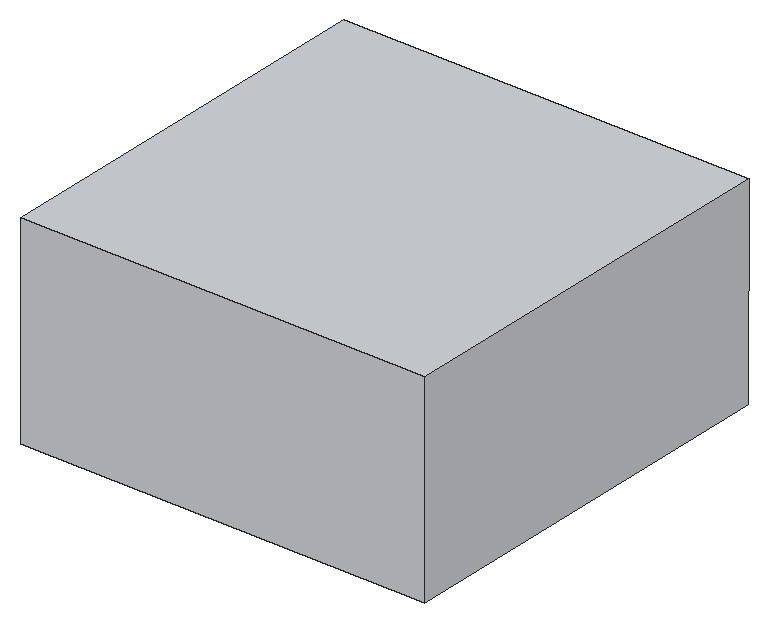
Revit family "Junction Box", category Electrical Fixtures, host Face, Revit 2025
Family settings
  Host = Face
  Round Connector Dimension = Use Diameter
  Part Type = Junction Box
  Cut with Voids When Loaded = No
  Maintain Annotation Orientation = Yes
  Shared = No
  Room Calculation Point = No
Parameters (values of type "Wall Mounted")
  Width = 3"
  Wall Mounted = not(Face Mounted)  # yes
  Height = 3"
  Face Mounted = no
  Depth - Top = Depth * 2 / 3  # 1"
  Depth - Back = Depth * 1 / 3  # 1/2"
  Depth = 1 1/2"
  Default Elevation = 48"
Types (3): name | Wall Mounted | Face Mounted
  (no name) | yes | no
  Face Mounted | no | yes
  Wall Mounted | yes | no
Reference planes (in)
  plane 1 "Center (Front/Back)": y = 0
  plane 2: z = 0
  plane 3 "Center (Left/Right)": x = 0
  plane 4: z = 1
  plane 5 "base": z = -0.5
Forms (in)
  Extrusion 1, solid
    sketch origin (0, 0, -0.5) x (-1, 0, 0) y (0, -1, 0)
      loop
        line (1.5, -1.5) -> (1.5, 1.5) -> (-1.5, 1.5) -> (-1.5, -1.5) -> (1.5, -1.5)
    from 0 to 1.5
Dimensions and locks (in)
  equal spacing: Extrusion 1 sketch curve, plane 3 "Center (Left/Right)", Extrusion 1 sketch curve
  "Width": Extrusion 1 sketch curve to Extrusion 1 sketch curve
  "Height": Extrusion 1 sketch curve to Extrusion 1 sketch curve
  equal spacing: Extrusion 1 sketch curve, plane 1 "Center (Front/Back)", Extrusion 1 sketch curve
  "Depth - Back": plane 2 to plane 5 "base"
  "Depth - Top": plane 4 to plane 2
  aligned and locked: plane 2 to host face
  aligned and locked: level to host face
  aligned and locked: plane 4 to Extrusion 1
Automatic sketch dimensions
  host sketch curve to host sketch curve = 96"  (x2)
Nested families (in)
  nested 1: "Face Mounted" at (0, 0, 0), visible <- "Face Mounted", type "Standard"
  nested 2: "Wall Mounted" at (0, 0, 0), visible <- "Wall Mounted", type "Standard"
Connectors (in)
  electrical at (0, 0, 1)
    settings: on Extrusion 1, index 1, voltage 0 V, apparent load 0 VA, apparent load phase1 0 VA, apparent load phase2 0 VA, apparent load phase3 0 VA, power factor 1, load classification "Other", number of poles 1, system type 31, power factor state 1, is connector primary yes, connector utility no, sub classification motor no, connector description ""
Definition of nested family "Face Mounted"
  Reference planes (in)
    plane 1: y = 0
    plane 2: x = 0
  Lines and regions (in)
    detail lines
      curve 1: circle (0, 0, 0) r 0.125 normal (0, 0, 1)
  Text (in)
    text "J" at (-0.04715, 0.09824, 0)
Definition of nested family "Wall Mounted"
  Reference planes (in)
    plane 1: y = 0
    plane 2: x = 0
  Lines and regions (in)
    detail lines
      curve 1: circle (0, 0.125, 0) r 0.125 normal (0, 0, 1)
  Text (in)
    text "J" at (-0.04715, 0.22324, 0)
